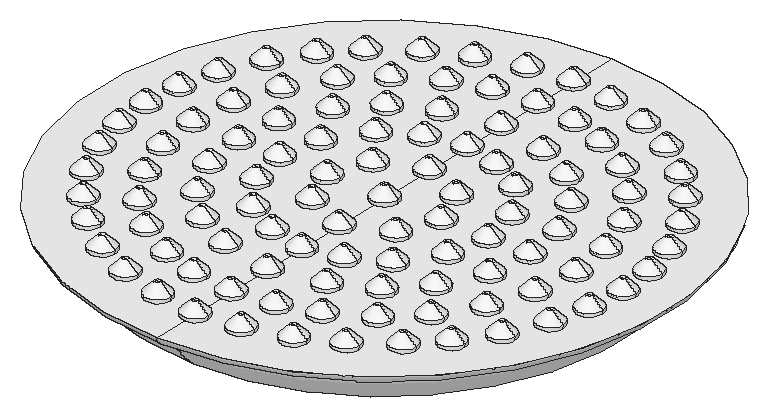
Revit family "Reece_Shower_Kado_Era_Shower Rose_200mm", category Plumbing Fixtures, host Face, Revit 2018
Family settings
  Host = Face
  Round Connector Dimension = Use Diameter
  Part Type = Normal
  Cut with Voids When Loaded = No
  Shared = Yes
  Room Calculation Point = No
Parameters (values of type "Chrome")
  WFU = 0  # constant formula
  URL = "www.reece.com.au/product/-4200388"
  Type Comments = "Shower"
  Reece_Shower_Inlet = 9 mm  # constant formula
  Reece_Product_Web Page = "www.reece.com.au/product/-4200388"
  Reece_Product_Type = "Shower"  # constant formula
  Reece_Product_Sub Brand = "Era\r\n"  # constant formula
  Reece_Product_Number = "4200388"
  Reece_Product_Mount = "Ceiling Mounted"
  Reece_Product_Description = "Kado Era Shower Rose Only 200mm Chrome (4 Star)"
  Reece_Product_Brand = "Kado\r\n"  # constant formula
  Reece_Overall_Height = 50 mm  # constant formula
  Reece_Overall_Diameter = 200 mm  # constant formula
  Reece_Material_Main [instance] = Reece_Brass_Chrome
  Reece_Detail_Shape = ""
  Reece_Detail_Disclaimer = "THIS FILE IS THE PROPERTY OF THE REECE GROUP. IT MAY NOT BE REPRODUCED, REVERSE-ENGINEERED OR MODIFIED. ANY REPUBLICATION, TRANSMISSION OR DISTRIBUTION FOR THE PURPOSE OF COMMERCIALLY EXPLOITING THE FILES IS PROHIBITED."  # constant formula
  Reece_Detail_Additional = ""
  Model = "Era\r\n"
  Manufacturer = "Kado\r\n"
  Keynote = "Product #4200388, Reece_Shower_Kado_Era_Shower Rose_200mm - Chrome"
  HWFU = 0  # constant formula
  Disclaimer = "THIS FILE IS THE PROPERTY OF THE REECE GROUP. IT MAY NOT BE REPRODUCED, REVERSE-ENGINEERED OR MODIFIED. ANY REPUBLICATION, TRANSMISSION OR DISTRIBUTION FOR THE PURPOSE OF COMMERCIALLY EXPLOITING THE FILES IS PROHIBITED."  # constant formula
  Description = "Kado Era Shower Rose Only 200mm Chrome (3 Star)"
  Default Elevation = 0 mm
  CWFU = 0  # constant formula
Reference planes
  plane 1 "Center (Front/Back)": y = 3.5
  plane 2: z = 0
  plane 3 "Center (Left/Right)": x = 3.5
  plane 4: x = 103.5
  plane 5: y = 103.5
  plane 6: y = -96.5
  plane 7: x = -96.5
  plane 8: z = 54.5
  plane 9: z = 50
Forms (mm)
  Revolve 1, solid, material "Reece_Brass_Chrome" <- "Reece_Material_Main"
    sketch origin (3.5, 7, 51.798) x (0, -1, 0) y (0, 0, -1)
      loop
        line (3.5, 51.798) -> (3.5, 1.798) -> (103.5, 1.798)
        arc (103.5, 1.798) -> (101.031, 4.601) -> (97.301, 4.406) r 4.29
        arc (97.301, 4.406) -> (89.197, 15.329) -> (77.238, 21.809) r 31.449
        arc (77.238, 21.809) -> (69.095, 23.5) -> (60.792, 23.974) r 56.37
        line (60.792, 23.974) -> (59.399, 25.896)
        arc (59.399, 25.896) -> (39.619, 31.418) -> (27.441, 47.955) r 31.514
        line (27.441, 47.955) -> (15.23, 47.955) -> (12.445, 51.798) -> (3.5, 51.798)
      axis (3.5, 51.798) -> (3.5, 1.798)
    angle from 0 to 360
  Revolve 2, solid, material "Reece_Brass_Chrome" <- "Reece_Material_Main", detail levels fine
    sketch origin (-16.539, 3.407, 50) x (1, 0, 0) y (0, 0, 1)
      loop
        line (4.5, 0) -> (4.5, 1) -> (1, 4.5) -> (0, 4.5) -> (0, 0) -> (4.5, 0)
      axis (0, 0) -> (0, 4.5)
    angle from 0 to 360
  Revolve 3, solid, material "Reece_Brass_Chrome" <- "Reece_Material_Main", detail levels fine
    sketch origin (3.543, 23.243, 50) x (1, 0, 0) y (0, 0, 1)
      loop
        line (4.5, 0) -> (4.5, 1) -> (1, 4.5) -> (0, 4.5) -> (0, 0) -> (4.5, 0)
      axis (0, 0) -> (0, 4.5)
    angle from 0 to 360
  Revolve 4, solid, material "Reece_Brass_Chrome" <- "Reece_Material_Main", detail levels fine
    sketch origin (-11.201, 16.819, 50) x (1, 0, 0) y (0, 0, 1)
      loop
        line (4.5, 0) -> (4.5, 1) -> (1, 4.5) -> (0, 4.5) -> (0, 0) -> (4.5, 0)
      axis (0, 0) -> (0, 4.5)
    angle from 0 to 360
  Revolve 5, solid, material "Reece_Brass_Chrome" <- "Reece_Material_Main", detail levels fine
    sketch origin (18.201, 16.819, 50) x (-1, 0, 0) y (0, 0, -1)
      loop
        line (4.5, 0) -> (0, 0) -> (0, -4.5) -> (1, -4.5) -> (4.5, -1) -> (4.5, 0)
      axis (0, 0) -> (0, -4.5)
    angle from 0 to 360
  Revolve 6, solid, material "Reece_Brass_Chrome" <- "Reece_Material_Main", detail levels fine
    sketch origin (23.539, 3.407, 50) x (-1, 0, 0) y (0, 0, -1)
      loop
        line (4.5, 0) -> (0, 0) -> (0, -4.5) -> (1, -4.5) -> (4.5, -1) -> (4.5, 0)
      axis (0, 0) -> (0, -4.5)
    angle from 0 to 360
  Revolve 7, solid, material "Reece_Brass_Chrome" <- "Reece_Material_Main", detail levels fine
    sketch origin (3.543, -16.243, 50) x (1, 0, 0) y (0, 0, -1)
      loop
        line (4.5, 0) -> (0, 0) -> (0, -4.5) -> (1, -4.5) -> (4.5, -1) -> (4.5, 0)
      axis (0, 0) -> (0, -4.5)
    angle from 0 to 360
  Revolve 8, solid, material "Reece_Brass_Chrome" <- "Reece_Material_Main", detail levels fine
    sketch origin (-11.201, -9.819, 50) x (1, 0, 0) y (0, 0, -1)
      loop
        line (4.5, 0) -> (0, 0) -> (0, -4.5) -> (1, -4.5) -> (4.5, -1) -> (4.5, 0)
      axis (0, 0) -> (0, -4.5)
    angle from 0 to 360
  Revolve 9, solid, material "Reece_Brass_Chrome" <- "Reece_Material_Main", detail levels fine
    sketch origin (18.201, -9.819, 50) x (-1, 0, 0) y (0, 0, 1)
      loop
        line (4.5, 0) -> (4.5, 1) -> (1, 4.5) -> (0, 4.5) -> (0, 0) -> (4.5, 0)
      axis (0, 0) -> (0, 4.5)
    angle from 0 to 360
  Revolve 10, solid, material "Reece_Brass_Chrome" <- "Reece_Material_Main", detail levels fine
    sketch origin (3.543, 39.811, 50) x (1, 0, 0) y (0, 0, 1)
      loop
        line (4.5, 0) -> (4.5, 1) -> (1, 4.5) -> (0, 4.5) -> (0, 0) -> (4.5, 0)
      axis (0, 0) -> (0, 4.5)
    angle from 0 to 360
  Revolve 11, solid, material "Reece_Brass_Chrome" <- "Reece_Material_Main", detail levels fine
    sketch origin (40.132, 3.407, 50) x (-1, 0, 0) y (0, 0, -1)
      loop
        line (4.5, 0) -> (0, 0) -> (0, -4.5) -> (1, -4.5) -> (4.5, -1) -> (4.5, 0)
      axis (0, 0) -> (0, -4.5)
    angle from 0 to 360
  Revolve 12, solid, material "Reece_Brass_Chrome" <- "Reece_Material_Main", detail levels fine
    sketch origin (-9.178, 36.906, 50) x (1, 0, 0) y (0, 0, 1)
      loop
        line (4.5, 0) -> (4.5, 1) -> (1, 4.5) -> (0, 4.5) -> (0, 0) -> (4.5, 0)
      axis (0, 0) -> (0, 4.5)
    angle from 0 to 360
  Revolve 13, solid, material "Reece_Brass_Chrome" <- "Reece_Material_Main", detail levels fine
    sketch origin (-33.132, 3.407, 50) x (1, 0, 0) y (0, 0, 1)
      loop
        line (4.5, 0) -> (4.5, 1) -> (1, 4.5) -> (0, 4.5) -> (0, 0) -> (4.5, 0)
      axis (0, 0) -> (0, 4.5)
    angle from 0 to 360
  Revolve 14, solid, material "Reece_Brass_Chrome" <- "Reece_Material_Main", detail levels fine
    sketch origin (3.543, -32.811, 50) x (1, 0, 0) y (0, 0, -1)
      loop
        line (4.5, 0) -> (0, 0) -> (0, -4.5) -> (1, -4.5) -> (4.5, -1) -> (4.5, 0)
      axis (0, 0) -> (0, -4.5)
    angle from 0 to 360
  Revolve 15, solid, material "Reece_Brass_Chrome" <- "Reece_Material_Main", detail levels fine
    sketch origin (-21.041, 30.437, 50) x (1, 0, 0) y (0, 0, 1)
      loop
        line (4.5, 0) -> (4.5, 1) -> (1, 4.5) -> (0, 4.5) -> (0, 0) -> (4.5, 0)
      axis (0, 0) -> (0, 4.5)
    angle from 0 to 360
  Revolve 16, solid, material "Reece_Brass_Chrome" <- "Reece_Material_Main", detail levels fine
    sketch origin (-30.107, 17.586, 50) x (1, 0, 0) y (0, 0, 1)
      loop
        line (4.5, 0) -> (4.5, 1) -> (1, 4.5) -> (0, 4.5) -> (0, 0) -> (4.5, 0)
      axis (0, 0) -> (0, 4.5)
    angle from 0 to 360
  Revolve 17, solid, material "Reece_Brass_Chrome" <- "Reece_Material_Main", detail levels fine
    sketch origin (16.178, 36.906, 50) x (-1, 0, 0) y (0, 0, -1)
      loop
        line (4.5, 0) -> (0, 0) -> (0, -4.5) -> (1, -4.5) -> (4.5, -1) -> (4.5, 0)
      axis (0, 0) -> (0, -4.5)
    angle from 0 to 360
  Revolve 18, solid, material "Reece_Brass_Chrome" <- "Reece_Material_Main", detail levels fine
    sketch origin (28.041, 30.437, 50) x (-1, 0, 0) y (0, 0, -1)
      loop
        line (4.5, 0) -> (0, 0) -> (0, -4.5) -> (1, -4.5) -> (4.5, -1) -> (4.5, 0)
      axis (0, 0) -> (0, -4.5)
    angle from 0 to 360
  Revolve 19, solid, material "Reece_Brass_Chrome" <- "Reece_Material_Main", detail levels fine
    sketch origin (37.107, 17.586, 50) x (-1, 0, 0) y (0, 0, -1)
      loop
        line (4.5, 0) -> (0, 0) -> (0, -4.5) -> (1, -4.5) -> (4.5, -1) -> (4.5, 0)
      axis (0, 0) -> (0, -4.5)
    angle from 0 to 360
  Revolve 20, solid, material "Reece_Brass_Chrome" <- "Reece_Material_Main", detail levels fine
    sketch origin (-9.178, -29.906, 50) x (1, 0, 0) y (0, 0, -1)
      loop
        line (4.5, 0) -> (0, 0) -> (0, -4.5) -> (1, -4.5) -> (4.5, -1) -> (4.5, 0)
      axis (0, 0) -> (0, -4.5)
    angle from 0 to 360
  Revolve 21, solid, material "Reece_Brass_Chrome" <- "Reece_Material_Main", detail levels fine
    sketch origin (-21.041, -23.437, 50) x (1, 0, 0) y (0, 0, -1)
      loop
        line (4.5, 0) -> (0, 0) -> (0, -4.5) -> (1, -4.5) -> (4.5, -1) -> (4.5, 0)
      axis (0, 0) -> (0, -4.5)
    angle from 0 to 360
  Revolve 22, solid, material "Reece_Brass_Chrome" <- "Reece_Material_Main", detail levels fine
    sketch origin (-30.107, -10.586, 50) x (1, 0, 0) y (0, 0, -1)
      loop
        line (4.5, 0) -> (0, 0) -> (0, -4.5) -> (1, -4.5) -> (4.5, -1) -> (4.5, 0)
      axis (0, 0) -> (0, -4.5)
    angle from 0 to 360
  Revolve 23, solid, material "Reece_Brass_Chrome" <- "Reece_Material_Main", detail levels fine
    sketch origin (16.178, -29.906, 50) x (-1, 0, 0) y (0, 0, 1)
      loop
        line (4.5, 0) -> (4.5, 1) -> (1, 4.5) -> (0, 4.5) -> (0, 0) -> (4.5, 0)
      axis (0, 0) -> (0, 4.5)
    angle from 0 to 360
  Revolve 24, solid, material "Reece_Brass_Chrome" <- "Reece_Material_Main", detail levels fine
    sketch origin (28.041, -23.437, 50) x (-1, 0, 0) y (0, 0, 1)
      loop
        line (4.5, 0) -> (4.5, 1) -> (1, 4.5) -> (0, 4.5) -> (0, 0) -> (4.5, 0)
      axis (0, 0) -> (0, 4.5)
    angle from 0 to 360
  Revolve 25, solid, material "Reece_Brass_Chrome" <- "Reece_Material_Main", detail levels fine
    sketch origin (37.107, -10.586, 50) x (-1, 0, 0) y (0, 0, 1)
      loop
        line (4.5, 0) -> (4.5, 1) -> (1, 4.5) -> (0, 4.5) -> (0, 0) -> (4.5, 0)
      axis (0, 0) -> (0, 4.5)
    angle from 0 to 360
  Revolve 26, solid, material "Reece_Brass_Chrome" <- "Reece_Material_Main", detail levels fine
    sketch origin (3.543, 54.811, 50) x (1, 0, 0) y (0, 0, 1)
      loop
        line (4.5, 0) -> (4.5, 1) -> (1, 4.5) -> (0, 4.5) -> (0, 0) -> (4.5, 0)
      axis (0, 0) -> (0, 4.5)
    angle from 0 to 360
  Revolve 27, solid, material "Reece_Brass_Chrome" <- "Reece_Material_Main", detail levels fine
    sketch origin (21.308, 51.002, 50) x (-1, 0, 0) y (0, 0, -1)
      loop
        line (4.5, 0) -> (0, 0) -> (0, -4.5) -> (1, -4.5) -> (4.5, -1) -> (4.5, 0)
      axis (0, 0) -> (0, -4.5)
    angle from 0 to 360
  Revolve 28, solid, material "Reece_Brass_Chrome" <- "Reece_Material_Main", detail levels fine
    sketch origin (35.036, 43.967, 50) x (-1, 0, 0) y (0, 0, -1)
      loop
        line (4.5, 0) -> (0, 0) -> (0, -4.5) -> (1, -4.5) -> (4.5, -1) -> (4.5, 0)
      axis (0, 0) -> (0, -4.5)
    angle from 0 to 360
  Revolve 29, solid, material "Reece_Brass_Chrome" <- "Reece_Material_Main", detail levels fine
    sketch origin (45.426, 33.24, 50) x (-1, 0, 0) y (0, 0, -1)
      loop
        line (4.5, 0) -> (0, 0) -> (0, -4.5) -> (1, -4.5) -> (4.5, -1) -> (4.5, 0)
      axis (0, 0) -> (0, -4.5)
    angle from 0 to 360
  Revolve 30, solid, material "Reece_Brass_Chrome" <- "Reece_Material_Main", detail levels fine
    sketch origin (52.759, 18.709, 50) x (-1, 0, 0) y (0, 0, -1)
      loop
        line (4.5, 0) -> (0, 0) -> (0, -4.5) -> (1, -4.5) -> (4.5, -1) -> (4.5, 0)
      axis (0, 0) -> (0, -4.5)
    angle from 0 to 360
  Revolve 31, solid, material "Reece_Brass_Chrome" <- "Reece_Material_Main", detail levels fine
    sketch origin (54.668, 3.544, 50) x (-1, 0, 0) y (0, 0, -1)
      loop
        line (4.5, 0) -> (0, 0) -> (0, -4.5) -> (1, -4.5) -> (4.5, -1) -> (4.5, 0)
      axis (0, 0) -> (0, -4.5)
    angle from 0 to 360
  Revolve 32, solid, material "Reece_Brass_Chrome" <- "Reece_Material_Main", detail levels fine
    sketch origin (-14.308, 51.002, 50) x (1, 0, 0) y (0, 0, 1)
      loop
        line (4.5, 0) -> (4.5, 1) -> (1, 4.5) -> (0, 4.5) -> (0, 0) -> (4.5, 0)
      axis (0, 0) -> (0, 4.5)
    angle from 0 to 360
  Revolve 33, solid, material "Reece_Brass_Chrome" <- "Reece_Material_Main", detail levels fine
    sketch origin (-28.036, 43.967, 50) x (1, 0, 0) y (0, 0, 1)
      loop
        line (4.5, 0) -> (4.5, 1) -> (1, 4.5) -> (0, 4.5) -> (0, 0) -> (4.5, 0)
      axis (0, 0) -> (0, 4.5)
    angle from 0 to 360
  Revolve 34, solid, material "Reece_Brass_Chrome" <- "Reece_Material_Main", detail levels fine
    sketch origin (-38.426, 33.24, 50) x (1, 0, 0) y (0, 0, 1)
      loop
        line (4.5, 0) -> (4.5, 1) -> (1, 4.5) -> (0, 4.5) -> (0, 0) -> (4.5, 0)
      axis (0, 0) -> (0, 4.5)
    angle from 0 to 360
  Revolve 35, solid, material "Reece_Brass_Chrome" <- "Reece_Material_Main", detail levels fine
    sketch origin (-45.759, 18.709, 50) x (1, 0, 0) y (0, 0, 1)
      loop
        line (4.5, 0) -> (4.5, 1) -> (1, 4.5) -> (0, 4.5) -> (0, 0) -> (4.5, 0)
      axis (0, 0) -> (0, 4.5)
    angle from 0 to 360
  Revolve 36, solid, material "Reece_Brass_Chrome" <- "Reece_Material_Main", detail levels fine
    sketch origin (-47.668, 3.544, 50) x (1, 0, 0) y (0, 0, 1)
      loop
        line (4.5, 0) -> (4.5, 1) -> (1, 4.5) -> (0, 4.5) -> (0, 0) -> (4.5, 0)
      axis (0, 0) -> (0, 4.5)
    angle from 0 to 360
  Revolve 37, solid, material "Reece_Brass_Chrome" <- "Reece_Material_Main", detail levels fine
    sketch origin (21.308, -44.002, 50) x (-1, 0, 0) y (0, 0, 1)
      loop
        line (4.5, 0) -> (4.5, 1) -> (1, 4.5) -> (0, 4.5) -> (0, 0) -> (4.5, 0)
      axis (0, 0) -> (0, 4.5)
    angle from 0 to 360
  Revolve 38, solid, material "Reece_Brass_Chrome" <- "Reece_Material_Main", detail levels fine
    sketch origin (35.036, -36.967, 50) x (-1, 0, 0) y (0, 0, 1)
      loop
        line (4.5, 0) -> (4.5, 1) -> (1, 4.5) -> (0, 4.5) -> (0, 0) -> (4.5, 0)
      axis (0, 0) -> (0, 4.5)
    angle from 0 to 360
  Revolve 39, solid, material "Reece_Brass_Chrome" <- "Reece_Material_Main", detail levels fine
    sketch origin (45.426, -26.24, 50) x (-1, 0, 0) y (0, 0, 1)
      loop
        line (4.5, 0) -> (4.5, 1) -> (1, 4.5) -> (0, 4.5) -> (0, 0) -> (4.5, 0)
      axis (0, 0) -> (0, 4.5)
    angle from 0 to 360
  Revolve 40, solid, material "Reece_Brass_Chrome" <- "Reece_Material_Main", detail levels fine
    sketch origin (52.759, -11.709, 50) x (-1, 0, 0) y (0, 0, 1)
      loop
        line (4.5, 0) -> (4.5, 1) -> (1, 4.5) -> (0, 4.5) -> (0, 0) -> (4.5, 0)
      axis (0, 0) -> (0, 4.5)
    angle from 0 to 360
  Revolve 41, solid, material "Reece_Brass_Chrome" <- "Reece_Material_Main", detail levels fine
    sketch origin (-14.308, -44.002, 50) x (1, 0, 0) y (0, 0, -1)
      loop
        line (4.5, 0) -> (0, 0) -> (0, -4.5) -> (1, -4.5) -> (4.5, -1) -> (4.5, 0)
      axis (0, 0) -> (0, -4.5)
    angle from 0 to 360
  Revolve 42, solid, material "Reece_Brass_Chrome" <- "Reece_Material_Main", detail levels fine
    sketch origin (-28.036, -36.967, 50) x (1, 0, 0) y (0, 0, -1)
      loop
        line (4.5, 0) -> (0, 0) -> (0, -4.5) -> (1, -4.5) -> (4.5, -1) -> (4.5, 0)
      axis (0, 0) -> (0, -4.5)
    angle from 0 to 360
  Revolve 43, solid, material "Reece_Brass_Chrome" <- "Reece_Material_Main", detail levels fine
    sketch origin (-38.426, -26.24, 50) x (1, 0, 0) y (0, 0, -1)
      loop
        line (4.5, 0) -> (0, 0) -> (0, -4.5) -> (1, -4.5) -> (4.5, -1) -> (4.5, 0)
      axis (0, 0) -> (0, -4.5)
    angle from 0 to 360
  Revolve 44, solid, material "Reece_Brass_Chrome" <- "Reece_Material_Main", detail levels fine
    sketch origin (-45.759, -11.709, 50) x (1, 0, 0) y (0, 0, -1)
      loop
        line (4.5, 0) -> (0, 0) -> (0, -4.5) -> (1, -4.5) -> (4.5, -1) -> (4.5, 0)
      axis (0, 0) -> (0, -4.5)
    angle from 0 to 360
  Revolve 45, solid, material "Reece_Brass_Chrome" <- "Reece_Material_Main", detail levels fine
    sketch origin (3.543, -47.811, 50) x (1, 0, 0) y (0, 0, -1)
      loop
        line (4.5, 0) -> (0, 0) -> (0, -4.5) -> (1, -4.5) -> (4.5, -1) -> (4.5, 0)
      axis (0, 0) -> (0, -4.5)
    angle from 0 to 360
  Revolve 46, solid, material "Reece_Brass_Chrome" <- "Reece_Material_Main", detail levels fine
    sketch origin (3.543, 70.806, 50) x (1, 0, 0) y (0, 0, 1)
      loop
        line (4.5, 0) -> (4.5, 1) -> (1, 4.5) -> (0, 4.5) -> (0, 0) -> (4.5, 0)
      axis (0, 0) -> (0, 4.5)
    angle from 0 to 360
  Revolve 47, solid, material "Reece_Brass_Chrome" <- "Reece_Material_Main", detail levels fine
    sketch origin (17.942, 69.072, 50) x (-1, 0, 0) y (0, 0, -1)
      loop
        line (4.5, 0) -> (0, 0) -> (0, -4.5) -> (1, -4.5) -> (4.5, -1) -> (4.5, 0)
      axis (0, 0) -> (0, -4.5)
    angle from 0 to 360
  Revolve 48, solid, material "Reece_Brass_Chrome" <- "Reece_Material_Main", detail levels fine
    sketch origin (30.834, 64.819, 50) x (-1, 0, 0) y (0, 0, -1)
      loop
        line (4.5, 0) -> (0, 0) -> (0, -4.5) -> (1, -4.5) -> (4.5, -1) -> (4.5, 0)
      axis (0, 0) -> (0, -4.5)
    angle from 0 to 360
  Revolve 49, solid, material "Reece_Brass_Chrome" <- "Reece_Material_Main", detail levels fine
    sketch origin (44.134, 57.174, 50) x (-1, 0, 0) y (0, 0, -1)
      loop
        line (4.5, 0) -> (0, 0) -> (0, -4.5) -> (1, -4.5) -> (4.5, -1) -> (4.5, 0)
      axis (0, 0) -> (0, -4.5)
    angle from 0 to 360
  Revolve 50, solid, material "Reece_Brass_Chrome" <- "Reece_Material_Main", detail levels fine
    sketch origin (54.741, 46.943, 50) x (-1, 0, 0) y (0, 0, -1)
      loop
        line (4.5, 0) -> (0, 0) -> (0, -4.5) -> (1, -4.5) -> (4.5, -1) -> (4.5, 0)
      axis (0, 0) -> (0, -4.5)
    angle from 0 to 360
  Revolve 51, solid, material "Reece_Brass_Chrome" <- "Reece_Material_Main", detail levels fine
    sketch origin (70.766, 3.544, 50) x (-1, 0, 0) y (0, 0, -1)
      loop
        line (4.5, 0) -> (0, 0) -> (0, -4.5) -> (1, -4.5) -> (4.5, -1) -> (4.5, 0)
      axis (0, 0) -> (0, -4.5)
    angle from 0 to 360
  Revolve 52, solid, material "Reece_Brass_Chrome" <- "Reece_Material_Main", detail levels fine
    sketch origin (63.572, 33.65, 50) x (-1, 0, 0) y (0, 0, -1)
      loop
        line (4.5, 0) -> (0, 0) -> (0, -4.5) -> (1, -4.5) -> (4.5, -1) -> (4.5, 0)
      axis (0, 0) -> (0, -4.5)
    angle from 0 to 360
  Revolve 53, solid, material "Reece_Brass_Chrome" <- "Reece_Material_Main", detail levels fine
    sketch origin (68.889, 19.016, 50) x (-1, 0, 0) y (0, 0, -1)
      loop
        line (4.5, 0) -> (0, 0) -> (0, -4.5) -> (1, -4.5) -> (4.5, -1) -> (4.5, 0)
      axis (0, 0) -> (0, -4.5)
    angle from 0 to 360
  Revolve 54, solid, material "Reece_Brass_Chrome" <- "Reece_Material_Main", detail levels fine
    sketch origin (-10.942, 69.072, 50) x (1, 0, 0) y (0, 0, 1)
      loop
        line (4.5, 0) -> (4.5, 1) -> (1, 4.5) -> (0, 4.5) -> (0, 0) -> (4.5, 0)
      axis (0, 0) -> (0, 4.5)
    angle from 0 to 360
  Revolve 55, solid, material "Reece_Brass_Chrome" <- "Reece_Material_Main", detail levels fine
    sketch origin (-23.834, 64.819, 50) x (1, 0, 0) y (0, 0, 1)
      loop
        line (4.5, 0) -> (4.5, 1) -> (1, 4.5) -> (0, 4.5) -> (0, 0) -> (4.5, 0)
      axis (0, 0) -> (0, 4.5)
    angle from 0 to 360
  Revolve 56, solid, material "Reece_Brass_Chrome" <- "Reece_Material_Main", detail levels fine
    sketch origin (-37.134, 57.174, 50) x (1, 0, 0) y (0, 0, 1)
      loop
        line (4.5, 0) -> (4.5, 1) -> (1, 4.5) -> (0, 4.5) -> (0, 0) -> (4.5, 0)
      axis (0, 0) -> (0, 4.5)
    angle from 0 to 360
  Revolve 57, solid, material "Reece_Brass_Chrome" <- "Reece_Material_Main", detail levels fine
    sketch origin (-47.741, 46.943, 50) x (1, 0, 0) y (0, 0, 1)
      loop
        line (4.5, 0) -> (4.5, 1) -> (1, 4.5) -> (0, 4.5) -> (0, 0) -> (4.5, 0)
      axis (0, 0) -> (0, 4.5)
    angle from 0 to 360
  Revolve 58, solid, material "Reece_Brass_Chrome" <- "Reece_Material_Main", detail levels fine
    sketch origin (-63.766, 3.544, 50) x (1, 0, 0) y (0, 0, 1)
      loop
        line (4.5, 0) -> (4.5, 1) -> (1, 4.5) -> (0, 4.5) -> (0, 0) -> (4.5, 0)
      axis (0, 0) -> (0, 4.5)
    angle from 0 to 360
  Revolve 59, solid, material "Reece_Brass_Chrome" <- "Reece_Material_Main", detail levels fine
    sketch origin (-56.572, 33.65, 50) x (1, 0, 0) y (0, 0, 1)
      loop
        line (4.5, 0) -> (4.5, 1) -> (1, 4.5) -> (0, 4.5) -> (0, 0) -> (4.5, 0)
      axis (0, 0) -> (0, 4.5)
    angle from 0 to 360
  Revolve 60, solid, material "Reece_Brass_Chrome" <- "Reece_Material_Main", detail levels fine
    sketch origin (-61.889, 19.016, 50) x (1, 0, 0) y (0, 0, 1)
      loop
        line (4.5, 0) -> (4.5, 1) -> (1, 4.5) -> (0, 4.5) -> (0, 0) -> (4.5, 0)
      axis (0, 0) -> (0, 4.5)
    angle from 0 to 360
  Revolve 61, solid, material "Reece_Brass_Chrome" <- "Reece_Material_Main", detail levels fine
    sketch origin (3.543, -63.806, 50) x (1, 0, 0) y (0, 0, -1)
      loop
        line (4.5, 0) -> (0, 0) -> (0, -4.5) -> (1, -4.5) -> (4.5, -1) -> (4.5, 0)
      axis (0, 0) -> (0, -4.5)
    angle from 0 to 360
  Revolve 62, solid, material "Reece_Brass_Chrome" <- "Reece_Material_Main", detail levels fine
    sketch origin (17.942, -62.072, 50) x (-1, 0, 0) y (0, 0, 1)
      loop
        line (4.5, 0) -> (4.5, 1) -> (1, 4.5) -> (0, 4.5) -> (0, 0) -> (4.5, 0)
      axis (0, 0) -> (0, 4.5)
    angle from 0 to 360
  Revolve 63, solid, material "Reece_Brass_Chrome" <- "Reece_Material_Main", detail levels fine
    sketch origin (30.834, -57.819, 50) x (-1, 0, 0) y (0, 0, 1)
      loop
        line (4.5, 0) -> (4.5, 1) -> (1, 4.5) -> (0, 4.5) -> (0, 0) -> (4.5, 0)
      axis (0, 0) -> (0, 4.5)
    angle from 0 to 360
  Revolve 64, solid, material "Reece_Brass_Chrome" <- "Reece_Material_Main", detail levels fine
    sketch origin (44.134, -50.174, 50) x (-1, 0, 0) y (0, 0, 1)
      loop
        line (4.5, 0) -> (4.5, 1) -> (1, 4.5) -> (0, 4.5) -> (0, 0) -> (4.5, 0)
      axis (0, 0) -> (0, 4.5)
    angle from 0 to 360
  Revolve 65, solid, material "Reece_Brass_Chrome" <- "Reece_Material_Main", detail levels fine
    sketch origin (54.741, -39.943, 50) x (-1, 0, 0) y (0, 0, 1)
      loop
        line (4.5, 0) -> (4.5, 1) -> (1, 4.5) -> (0, 4.5) -> (0, 0) -> (4.5, 0)
      axis (0, 0) -> (0, 4.5)
    angle from 0 to 360
  Revolve 66, solid, material "Reece_Brass_Chrome" <- "Reece_Material_Main", detail levels fine
    sketch origin (63.572, -26.65, 50) x (-1, 0, 0) y (0, 0, 1)
      loop
        line (4.5, 0) -> (4.5, 1) -> (1, 4.5) -> (0, 4.5) -> (0, 0) -> (4.5, 0)
      axis (0, 0) -> (0, 4.5)
    angle from 0 to 360
  Revolve 67, solid, material "Reece_Brass_Chrome" <- "Reece_Material_Main", detail levels fine
    sketch origin (68.889, -12.016, 50) x (-1, 0, 0) y (0, 0, 1)
      loop
        line (4.5, 0) -> (4.5, 1) -> (1, 4.5) -> (0, 4.5) -> (0, 0) -> (4.5, 0)
      axis (0, 0) -> (0, 4.5)
    angle from 0 to 360
  Revolve 68, solid, material "Reece_Brass_Chrome" <- "Reece_Material_Main", detail levels fine
    sketch origin (-10.942, -62.072, 50) x (1, 0, 0) y (0, 0, -1)
      loop
        line (4.5, 0) -> (0, 0) -> (0, -4.5) -> (1, -4.5) -> (4.5, -1) -> (4.5, 0)
      axis (0, 0) -> (0, -4.5)
    angle from 0 to 360
  Revolve 69, solid, material "Reece_Brass_Chrome" <- "Reece_Material_Main", detail levels fine
    sketch origin (-23.834, -57.819, 50) x (1, 0, 0) y (0, 0, -1)
      loop
        line (4.5, 0) -> (0, 0) -> (0, -4.5) -> (1, -4.5) -> (4.5, -1) -> (4.5, 0)
      axis (0, 0) -> (0, -4.5)
    angle from 0 to 360
  Revolve 70, solid, material "Reece_Brass_Chrome" <- "Reece_Material_Main", detail levels fine
    sketch origin (-37.134, -50.174, 50) x (1, 0, 0) y (0, 0, -1)
      loop
        line (4.5, 0) -> (0, 0) -> (0, -4.5) -> (1, -4.5) -> (4.5, -1) -> (4.5, 0)
      axis (0, 0) -> (0, -4.5)
    angle from 0 to 360
  Revolve 71, solid, material "Reece_Brass_Chrome" <- "Reece_Material_Main", detail levels fine
    sketch origin (-47.741, -39.943, 50) x (1, 0, 0) y (0, 0, -1)
      loop
        line (4.5, 0) -> (0, 0) -> (0, -4.5) -> (1, -4.5) -> (4.5, -1) -> (4.5, 0)
      axis (0, 0) -> (0, -4.5)
    angle from 0 to 360
  Revolve 72, solid, material "Reece_Brass_Chrome" <- "Reece_Material_Main", detail levels fine
    sketch origin (-56.572, -26.65, 50) x (1, 0, 0) y (0, 0, -1)
      loop
        line (4.5, 0) -> (0, 0) -> (0, -4.5) -> (1, -4.5) -> (4.5, -1) -> (4.5, 0)
      axis (0, 0) -> (0, -4.5)
    angle from 0 to 360
  Revolve 73, solid, material "Reece_Brass_Chrome" <- "Reece_Material_Main", detail levels fine
    sketch origin (-61.889, -12.016, 50) x (1, 0, 0) y (0, 0, -1)
      loop
        line (4.5, 0) -> (0, 0) -> (0, -4.5) -> (1, -4.5) -> (4.5, -1) -> (4.5, 0)
      axis (0, 0) -> (0, -4.5)
    angle from 0 to 360
  Revolve 74, solid, material "Reece_Brass_Chrome" <- "Reece_Material_Main", detail levels fine
    sketch origin (3.481, 86.566, 50) x (1, 0, 0) y (0, 0, 1)
      loop
        line (4.5, 0) -> (4.5, 1) -> (1, 4.5) -> (0, 4.5) -> (0, 0) -> (4.5, 0)
      axis (0, 0) -> (0, 4.5)
    angle from 0 to 360
  Revolve 75, solid, material "Reece_Brass_Chrome" <- "Reece_Material_Main", detail levels fine
    sketch origin (33.102, 80.275, 50) x (-1, 0, 0) y (0, 0, -1)
      loop
        line (4.5, 0) -> (0, 0) -> (0, -4.5) -> (1, -4.5) -> (4.5, -1) -> (4.5, 0)
      axis (0, 0) -> (0, -4.5)
    angle from 0 to 360
  Revolve 76, solid, material "Reece_Brass_Chrome" <- "Reece_Material_Main", detail levels fine
    sketch origin (46.363, 73.731, 50) x (-1, 0, 0) y (0, 0, -1)
      loop
        line (4.5, 0) -> (0, 0) -> (0, -4.5) -> (1, -4.5) -> (4.5, -1) -> (4.5, 0)
      axis (0, 0) -> (0, -4.5)
    angle from 0 to 360
  Revolve 77, solid, material "Reece_Brass_Chrome" <- "Reece_Material_Main", detail levels fine
    sketch origin (58.911, 64.455, 50) x (-1, 0, 0) y (0, 0, -1)
      loop
        line (4.5, 0) -> (0, 0) -> (0, -4.5) -> (1, -4.5) -> (4.5, -1) -> (4.5, 0)
      axis (0, 0) -> (0, -4.5)
    angle from 0 to 360
  Revolve 78, solid, material "Reece_Brass_Chrome" <- "Reece_Material_Main", detail levels fine
    sketch origin (76.494, 43.067, 50) x (-1, 0, 0) y (0, 0, -1)
      loop
        line (4.5, 0) -> (0, 0) -> (0, -4.5) -> (1, -4.5) -> (4.5, -1) -> (4.5, 0)
      axis (0, 0) -> (0, -4.5)
    angle from 0 to 360
  Revolve 79, solid, material "Reece_Brass_Chrome" <- "Reece_Material_Main", detail levels fine
    sketch origin (87.293, 3.544, 50) x (-1, 0, 0) y (0, 0, -1)
      loop
        line (4.5, 0) -> (0, 0) -> (0, -4.5) -> (1, -4.5) -> (4.5, -1) -> (4.5, 0)
      axis (0, 0) -> (0, -4.5)
    angle from 0 to 360
  Revolve 80, solid, material "Reece_Brass_Chrome" <- "Reece_Material_Main", detail levels fine
    sketch origin (82.712, 29.648, 50) x (-1, 0, 0) y (0, 0, -1)
      loop
        line (4.5, 0) -> (0, 0) -> (0, -4.5) -> (1, -4.5) -> (4.5, -1) -> (4.5, 0)
      axis (0, 0) -> (0, -4.5)
    angle from 0 to 360
  Revolve 81, solid, material "Reece_Brass_Chrome" <- "Reece_Material_Main", detail levels fine
    sketch origin (86.11, 16.609, 50) x (-1, 0, 0) y (0, 0, -1)
      loop
        line (4.5, 0) -> (0, 0) -> (0, -4.5) -> (1, -4.5) -> (4.5, -1) -> (4.5, 0)
      axis (0, 0) -> (0, -4.5)
    angle from 0 to 360
  Revolve 82, solid, material "Reece_Brass_Chrome" <- "Reece_Material_Main", detail levels fine
    sketch origin (68.219, 54.771, 50) x (-1, 0, 0) y (0, 0, -1)
      loop
        line (4.5, 0) -> (0, 0) -> (0, -4.5) -> (1, -4.5) -> (4.5, -1) -> (4.5, 0)
      axis (0, 0) -> (0, -4.5)
    angle from 0 to 360
  Revolve 83, solid, material "Reece_Brass_Chrome" <- "Reece_Material_Main", detail levels fine
    sketch origin (18.163, 84.654, 50) x (-1, 0, 0) y (0, 0, -1)
      loop
        line (4.5, 0) -> (0, 0) -> (0, -4.5) -> (1, -4.5) -> (4.5, -1) -> (4.5, 0)
      axis (0, 0) -> (0, -4.5)
    angle from 0 to 360
  Revolve 84, solid, material "Reece_Brass_Chrome" <- "Reece_Material_Main", detail levels fine
    sketch origin (3.504, 3.586, 50) x (1, 0, 0) y (0, 0, 1)
      loop
        line (4.5, 0) -> (4.5, 1) -> (1, 4.5) -> (0, 4.5) -> (0, 0) -> (4.5, 0)
      axis (0, 0) -> (0, 4.5)
    angle from 0 to 360
  Revolve 85, solid, material "Reece_Brass_Chrome" <- "Reece_Material_Main", detail levels fine
    sketch origin (-26.102, 80.275, 50) x (1, 0, 0) y (0, 0, 1)
      loop
        line (4.5, 0) -> (4.5, 1) -> (1, 4.5) -> (0, 4.5) -> (0, 0) -> (4.5, 0)
      axis (0, 0) -> (0, 4.5)
    angle from 0 to 360
  Revolve 86, solid, material "Reece_Brass_Chrome" <- "Reece_Material_Main", detail levels fine
    sketch origin (-39.363, 73.731, 50) x (1, 0, 0) y (0, 0, 1)
      loop
        line (4.5, 0) -> (4.5, 1) -> (1, 4.5) -> (0, 4.5) -> (0, 0) -> (4.5, 0)
      axis (0, 0) -> (0, 4.5)
    angle from 0 to 360
  Revolve 87, solid, material "Reece_Brass_Chrome" <- "Reece_Material_Main", detail levels fine
    sketch origin (-51.911, 64.455, 50) x (1, 0, 0) y (0, 0, 1)
      loop
        line (4.5, 0) -> (4.5, 1) -> (1, 4.5) -> (0, 4.5) -> (0, 0) -> (4.5, 0)
      axis (0, 0) -> (0, 4.5)
    angle from 0 to 360
  Revolve 88, solid, material "Reece_Brass_Chrome" <- "Reece_Material_Main", detail levels fine
    sketch origin (-69.494, 43.067, 50) x (1, 0, 0) y (0, 0, 1)
      loop
        line (4.5, 0) -> (4.5, 1) -> (1, 4.5) -> (0, 4.5) -> (0, 0) -> (4.5, 0)
      axis (0, 0) -> (0, 4.5)
    angle from 0 to 360
  Revolve 89, solid, material "Reece_Brass_Chrome" <- "Reece_Material_Main", detail levels fine
    sketch origin (-80.293, 3.544, 50) x (1, 0, 0) y (0, 0, 1)
      loop
        line (4.5, 0) -> (4.5, 1) -> (1, 4.5) -> (0, 4.5) -> (0, 0) -> (4.5, 0)
      axis (0, 0) -> (0, 4.5)
    angle from 0 to 360
  Revolve 90, solid, material "Reece_Brass_Chrome" <- "Reece_Material_Main", detail levels fine
    sketch origin (-75.712, 29.648, 50) x (1, 0, 0) y (0, 0, 1)
      loop
        line (4.5, 0) -> (4.5, 1) -> (1, 4.5) -> (0, 4.5) -> (0, 0) -> (4.5, 0)
      axis (0, 0) -> (0, 4.5)
    angle from 0 to 360
  Revolve 91, solid, material "Reece_Brass_Chrome" <- "Reece_Material_Main", detail levels fine
    sketch origin (-79.11, 16.609, 50) x (1, 0, 0) y (0, 0, 1)
      loop
        line (4.5, 0) -> (4.5, 1) -> (1, 4.5) -> (0, 4.5) -> (0, 0) -> (4.5, 0)
      axis (0, 0) -> (0, 4.5)
    angle from 0 to 360
  Revolve 92, solid, material "Reece_Brass_Chrome" <- "Reece_Material_Main", detail levels fine
    sketch origin (-61.219, 54.771, 50) x (1, 0, 0) y (0, 0, 1)
      loop
        line (4.5, 0) -> (4.5, 1) -> (1, 4.5) -> (0, 4.5) -> (0, 0) -> (4.5, 0)
      axis (0, 0) -> (0, 4.5)
    angle from 0 to 360
  Revolve 93, solid, material "Reece_Brass_Chrome" <- "Reece_Material_Main", detail levels fine
    sketch origin (-11.163, 84.654, 50) x (1, 0, 0) y (0, 0, 1)
      loop
        line (4.5, 0) -> (4.5, 1) -> (1, 4.5) -> (0, 4.5) -> (0, 0) -> (4.5, 0)
      axis (0, 0) -> (0, 4.5)
    angle from 0 to 360
  Revolve 94, solid, material "Reece_Brass_Chrome" <- "Reece_Material_Main", detail levels fine
    sketch origin (3.481, -79.566, 50) x (1, 0, 0) y (0, 0, -1)
      loop
        line (4.5, 0) -> (0, 0) -> (0, -4.5) -> (1, -4.5) -> (4.5, -1) -> (4.5, 0)
      axis (0, 0) -> (0, -4.5)
    angle from 0 to 360
  Revolve 95, solid, material "Reece_Brass_Chrome" <- "Reece_Material_Main", detail levels fine
    sketch origin (33.102, -73.275, 50) x (-1, 0, 0) y (0, 0, 1)
      loop
        line (4.5, 0) -> (4.5, 1) -> (1, 4.5) -> (0, 4.5) -> (0, 0) -> (4.5, 0)
      axis (0, 0) -> (0, 4.5)
    angle from 0 to 360
  Revolve 96, solid, material "Reece_Brass_Chrome" <- "Reece_Material_Main", detail levels fine
    sketch origin (46.363, -66.731, 50) x (-1, 0, 0) y (0, 0, 1)
      loop
        line (4.5, 0) -> (4.5, 1) -> (1, 4.5) -> (0, 4.5) -> (0, 0) -> (4.5, 0)
      axis (0, 0) -> (0, 4.5)
    angle from 0 to 360
  Revolve 97, solid, material "Reece_Brass_Chrome" <- "Reece_Material_Main", detail levels fine
    sketch origin (58.911, -57.455, 50) x (-1, 0, 0) y (0, 0, 1)
      loop
        line (4.5, 0) -> (4.5, 1) -> (1, 4.5) -> (0, 4.5) -> (0, 0) -> (4.5, 0)
      axis (0, 0) -> (0, 4.5)
    angle from 0 to 360
  Revolve 98, solid, material "Reece_Brass_Chrome" <- "Reece_Material_Main", detail levels fine
    sketch origin (76.494, -36.067, 50) x (-1, 0, 0) y (0, 0, 1)
      loop
        line (4.5, 0) -> (4.5, 1) -> (1, 4.5) -> (0, 4.5) -> (0, 0) -> (4.5, 0)
      axis (0, 0) -> (0, 4.5)
    angle from 0 to 360
  Revolve 99, solid, material "Reece_Brass_Chrome" <- "Reece_Material_Main", detail levels fine
    sketch origin (82.712, -22.648, 50) x (-1, 0, 0) y (0, 0, 1)
      loop
        line (4.5, 0) -> (4.5, 1) -> (1, 4.5) -> (0, 4.5) -> (0, 0) -> (4.5, 0)
      axis (0, 0) -> (0, 4.5)
    angle from 0 to 360
  Revolve 100, solid, material "Reece_Brass_Chrome" <- "Reece_Material_Main", detail levels fine
    sketch origin (86.11, -9.609, 50) x (-1, 0, 0) y (0, 0, 1)
      loop
        line (4.5, 0) -> (4.5, 1) -> (1, 4.5) -> (0, 4.5) -> (0, 0) -> (4.5, 0)
      axis (0, 0) -> (0, 4.5)
    angle from 0 to 360
  Revolve 101, solid, material "Reece_Brass_Chrome" <- "Reece_Material_Main", detail levels fine
    sketch origin (68.219, -47.771, 50) x (-1, 0, 0) y (0, 0, 1)
      loop
        line (4.5, 0) -> (4.5, 1) -> (1, 4.5) -> (0, 4.5) -> (0, 0) -> (4.5, 0)
      axis (0, 0) -> (0, 4.5)
    angle from 0 to 360
  Revolve 102, solid, material "Reece_Brass_Chrome" <- "Reece_Material_Main", detail levels fine
    sketch origin (18.163, -77.654, 50) x (-1, 0, 0) y (0, 0, 1)
      loop
        line (4.5, 0) -> (4.5, 1) -> (1, 4.5) -> (0, 4.5) -> (0, 0) -> (4.5, 0)
      axis (0, 0) -> (0, 4.5)
    angle from 0 to 360
  Revolve 103, solid, material "Reece_Brass_Chrome" <- "Reece_Material_Main", detail levels fine
    sketch origin (-26.102, -73.275, 50) x (1, 0, 0) y (0, 0, -1)
      loop
        line (4.5, 0) -> (0, 0) -> (0, -4.5) -> (1, -4.5) -> (4.5, -1) -> (4.5, 0)
      axis (0, 0) -> (0, -4.5)
    angle from 0 to 360
  Revolve 104, solid, material "Reece_Brass_Chrome" <- "Reece_Material_Main", detail levels fine
    sketch origin (-39.363, -66.731, 50) x (1, 0, 0) y (0, 0, -1)
      loop
        line (4.5, 0) -> (0, 0) -> (0, -4.5) -> (1, -4.5) -> (4.5, -1) -> (4.5, 0)
      axis (0, 0) -> (0, -4.5)
    angle from 0 to 360
  Revolve 105, solid, material "Reece_Brass_Chrome" <- "Reece_Material_Main", detail levels fine
    sketch origin (-51.911, -57.455, 50) x (1, 0, 0) y (0, 0, -1)
      loop
        line (4.5, 0) -> (0, 0) -> (0, -4.5) -> (1, -4.5) -> (4.5, -1) -> (4.5, 0)
      axis (0, 0) -> (0, -4.5)
    angle from 0 to 360
  Revolve 106, solid, material "Reece_Brass_Chrome" <- "Reece_Material_Main", detail levels fine
    sketch origin (-69.494, -36.067, 50) x (1, 0, 0) y (0, 0, -1)
      loop
        line (4.5, 0) -> (0, 0) -> (0, -4.5) -> (1, -4.5) -> (4.5, -1) -> (4.5, 0)
      axis (0, 0) -> (0, -4.5)
    angle from 0 to 360
  Revolve 107, solid, material "Reece_Brass_Chrome" <- "Reece_Material_Main", detail levels fine
    sketch origin (-75.712, -22.648, 50) x (1, 0, 0) y (0, 0, -1)
      loop
        line (4.5, 0) -> (0, 0) -> (0, -4.5) -> (1, -4.5) -> (4.5, -1) -> (4.5, 0)
      axis (0, 0) -> (0, -4.5)
    angle from 0 to 360
  Revolve 108, solid, material "Reece_Brass_Chrome" <- "Reece_Material_Main", detail levels fine
    sketch origin (-79.11, -9.609, 50) x (1, 0, 0) y (0, 0, -1)
      loop
        line (4.5, 0) -> (0, 0) -> (0, -4.5) -> (1, -4.5) -> (4.5, -1) -> (4.5, 0)
      axis (0, 0) -> (0, -4.5)
    angle from 0 to 360
  Revolve 109, solid, material "Reece_Brass_Chrome" <- "Reece_Material_Main", detail levels fine
    sketch origin (-61.219, -47.771, 50) x (1, 0, 0) y (0, 0, -1)
      loop
        line (4.5, 0) -> (0, 0) -> (0, -4.5) -> (1, -4.5) -> (4.5, -1) -> (4.5, 0)
      axis (0, 0) -> (0, -4.5)
    angle from 0 to 360
  Revolve 110, solid, material "Reece_Brass_Chrome" <- "Reece_Material_Main", detail levels fine
    sketch origin (-11.163, -77.654, 50) x (1, 0, 0) y (0, 0, -1)
      loop
        line (4.5, 0) -> (0, 0) -> (0, -4.5) -> (1, -4.5) -> (4.5, -1) -> (4.5, 0)
      axis (0, 0) -> (0, -4.5)
    angle from 0 to 360
Text (mm)
  text "Reece Copyright © 2018, Reece Ltd." at (-452.712, -223.434, 0), in view "Ref. Level"
  text "Reece ©" at (290.323, 26.521, 334.836), in view "Reece_Preview"
Dimensions and locks
  "Reece_Overall_Diameter": plane 7 to plane 4
  equal spacing: plane 7, plane 3 "Center (Left/Right)", plane 4
  equal spacing: plane 5, plane 1 "Center (Front/Back)", plane 6
  "Reece_Overall_Diameter": plane 5 to plane 6
  plane 5 to plane 6 = 200 mm
  plane 5 to plane 1 "Center (Front/Back)" to plane 6 = 100 mm, 100 mm
  plane 9 to level = 50 mm  (x2)
  locked: plane 8 to plane 9 at 4.5
  level to plane 9 = 50 mm
  plane 9 to plane 8 = 4.5 mm
  plane 7 to plane 3 "Center (Left/Right)" to plane 4 = 100 mm, 100 mm  (x2)
  plane 7 to plane 4 = 200 mm  (x2)
  "Reece_Overall_Height": plane 9 to level
  plane 8 to plane 9 = 4.5 mm  (x2)
  plane 6 to plane 1 "Center (Front/Back)" to plane 5 = 100 mm, 100 mm
  plane 6 to plane 5 = 200 mm
  aligned and locked: plane 2 to host face
  aligned and locked: level to host face
  aligned and locked: plane 1 "Center (Front/Back)" to Revolve 1 sketch curve
  aligned and locked: Revolve 1 sketch curve to level
  aligned and locked: plane 9 to Revolve 1 sketch curve
Automatic sketch dimensions
  host sketch curve to host sketch curve = 407.898 mm
  host sketch curve to host sketch curve = 410.737 mm
  Revolve 1 sketch curve to plane 1 "Center (Front/Back)" = 0 mm
  Revolve 1 sketch curve to plane 6 = 0 mm
  plane 1 "Center (Front/Back)" to Revolve 1 sketch curve = 8.945 mm
  level to Revolve 1 sketch curve = 3.844 mm  (x2)
  Revolve 1 sketch curve to Revolve 1 sketch curve = 2.785 mm
  Revolve 1 sketch curve to Revolve 1 sketch curve = 12.212 mm
  Revolve 1 sketch curve to level = 5.556 mm
  Revolve 1 sketch curve to Revolve 1 sketch curve = 30.08 mm
  level to Revolve 1 sketch curve = 25.902 mm
  Revolve 1 sketch curve to Revolve 1 sketch curve = 1.393 mm
  Revolve 1 sketch curve to plane 6 = 41.763 mm
  Revolve 1 sketch curve to Revolve 1 sketch curve = 6.853 mm
  Revolve 1 sketch curve to plane 6 = 4.132 mm
  Revolve 1 sketch curve to Revolve 1 sketch curve = 23.96 mm
  Revolve 1 sketch curve to Revolve 1 sketch curve = 9.075 mm
  Revolve 1 sketch curve to Revolve 1 sketch curve = 1.151 mm
  Revolve 1 sketch curve to Revolve 1 sketch curve = 1.922 mm
  Revolve 1 sketch curve to Revolve 1 sketch curve = 0 mm
  Revolve 1 sketch curve to Revolve 1 sketch curve = 12.344 mm
  Revolve 2 sketch curve to plane 3 "Center (Left/Right)" = 20.039 mm
  Revolve 2 sketch curve to Revolve 2 sketch curve = 1 mm  (x2)
  Revolve 2 sketch curve to Revolve 2 sketch curve = 4.5 mm  (x2)
  Revolve 2 sketch curve to Revolve 2 sketch curve = 0 mm  (x2)
  Revolve 2 sketch curve to Revolve 2 sketch curve = 0.5 mm
  plane 3 "Center (Left/Right)" to Revolve 3 sketch curve = 0.043 mm  (x2)
  Revolve 3 sketch curve to Revolve 3 sketch curve = 1 mm  (x2)
  Revolve 3 sketch curve to Revolve 3 sketch curve = 4.5 mm  (x2)
  Revolve 3 sketch curve to Revolve 3 sketch curve = 0 mm
  Revolve 3 sketch curve to Revolve 3 sketch curve = 0.5 mm
  Revolve 4 sketch curve to plane 3 "Center (Left/Right)" = 14.701 mm
  Revolve 4 sketch curve to Revolve 4 sketch curve = 1 mm  (x2)
  Revolve 4 sketch curve to Revolve 4 sketch curve = 4.5 mm  (x2)
  Revolve 4 sketch curve to Revolve 4 sketch curve = 0 mm  (x2)
  Revolve 4 sketch curve to Revolve 4 sketch curve = 0.5 mm
  plane 3 "Center (Left/Right)" to Revolve 5 sketch curve = 14.701 mm
  Revolve 5 sketch curve to Revolve 5 sketch curve = 1 mm
  Revolve 5 sketch curve to Revolve 5 sketch curve = 4.5 mm  (x2)
  Revolve 5 sketch curve to Revolve 5 sketch curve = 3.5 mm
  Revolve 5 sketch curve to Revolve 5 sketch curve = 0 mm  (x2)
  Revolve 5 sketch curve to Revolve 5 sketch curve = 0.5 mm
  plane 3 "Center (Left/Right)" to Revolve 6 sketch curve = 20.039 mm
  Revolve 6 sketch curve to Revolve 6 sketch curve = 1 mm
  Revolve 6 sketch curve to Revolve 6 sketch curve = 4.5 mm  (x2)
  Revolve 6 sketch curve to Revolve 6 sketch curve = 3.5 mm
  Revolve 6 sketch curve to Revolve 6 sketch curve = 0 mm  (x2)
  Revolve 6 sketch curve to Revolve 6 sketch curve = 0.5 mm
  plane 3 "Center (Left/Right)" to Revolve 7 sketch curve = 0.043 mm  (x2)
  Revolve 7 sketch curve to Revolve 7 sketch curve = 1 mm
  Revolve 7 sketch curve to Revolve 7 sketch curve = 4.5 mm  (x2)
  Revolve 7 sketch curve to Revolve 7 sketch curve = 3.5 mm
  Revolve 7 sketch curve to Revolve 7 sketch curve = 0.5 mm
  Revolve 7 sketch curve to Revolve 7 sketch curve = 0 mm
  Revolve 8 sketch curve to plane 3 "Center (Left/Right)" = 14.701 mm
  Revolve 8 sketch curve to Revolve 8 sketch curve = 1 mm
  Revolve 8 sketch curve to Revolve 8 sketch curve = 4.5 mm  (x2)
  Revolve 8 sketch curve to Revolve 8 sketch curve = 3.5 mm
  Revolve 8 sketch curve to Revolve 8 sketch curve = 0 mm  (x2)
  Revolve 8 sketch curve to Revolve 8 sketch curve = 0.5 mm
  plane 3 "Center (Left/Right)" to Revolve 9 sketch curve = 14.701 mm
  Revolve 9 sketch curve to Revolve 9 sketch curve = 1 mm  (x2)
  Revolve 9 sketch curve to Revolve 9 sketch curve = 4.5 mm  (x2)
  Revolve 9 sketch curve to Revolve 9 sketch curve = 0 mm  (x2)
  Revolve 9 sketch curve to Revolve 9 sketch curve = 0.5 mm
  plane 3 "Center (Left/Right)" to Revolve 10 sketch curve = 0.043 mm  (x2)
  Revolve 10 sketch curve to Revolve 10 sketch curve = 1 mm  (x2)
  Revolve 10 sketch curve to Revolve 10 sketch curve = 4.5 mm  (x2)
  Revolve 10 sketch curve to Revolve 10 sketch curve = 0 mm
  Revolve 10 sketch curve to Revolve 10 sketch curve = 0.5 mm
  plane 3 "Center (Left/Right)" to Revolve 11 sketch curve = 36.632 mm
  Revolve 11 sketch curve to Revolve 11 sketch curve = 1 mm
  Revolve 11 sketch curve to Revolve 11 sketch curve = 4.5 mm  (x2)
  Revolve 11 sketch curve to Revolve 11 sketch curve = 3.5 mm
  Revolve 11 sketch curve to Revolve 11 sketch curve = 0 mm  (x2)
  Revolve 11 sketch curve to Revolve 11 sketch curve = 0.5 mm
  Revolve 12 sketch curve to plane 3 "Center (Left/Right)" = 12.678 mm
  Revolve 12 sketch curve to Revolve 12 sketch curve = 1 mm  (x2)
  Revolve 12 sketch curve to Revolve 12 sketch curve = 4.5 mm  (x2)
  Revolve 12 sketch curve to Revolve 12 sketch curve = 0 mm  (x2)
  Revolve 12 sketch curve to Revolve 12 sketch curve = 0.5 mm
  Revolve 13 sketch curve to plane 3 "Center (Left/Right)" = 36.632 mm
  Revolve 13 sketch curve to Revolve 13 sketch curve = 1 mm  (x2)
  Revolve 13 sketch curve to Revolve 13 sketch curve = 4.5 mm  (x2)
  Revolve 13 sketch curve to Revolve 13 sketch curve = 0 mm  (x2)
  Revolve 13 sketch curve to Revolve 13 sketch curve = 0.5 mm
  plane 3 "Center (Left/Right)" to Revolve 14 sketch curve = 0.043 mm  (x2)
  Revolve 14 sketch curve to Revolve 14 sketch curve = 1 mm
  Revolve 14 sketch curve to Revolve 14 sketch curve = 4.5 mm  (x2)
  Revolve 14 sketch curve to Revolve 14 sketch curve = 3.5 mm
  Revolve 14 sketch curve to Revolve 14 sketch curve = 0.5 mm
  Revolve 14 sketch curve to Revolve 14 sketch curve = 0 mm
  Revolve 15 sketch curve to plane 3 "Center (Left/Right)" = 24.541 mm
  Revolve 15 sketch curve to Revolve 15 sketch curve = 1 mm  (x2)
  Revolve 15 sketch curve to Revolve 15 sketch curve = 4.5 mm  (x2)
  Revolve 15 sketch curve to Revolve 15 sketch curve = 0 mm  (x2)
  Revolve 15 sketch curve to Revolve 15 sketch curve = 0.5 mm
  Revolve 16 sketch curve to plane 3 "Center (Left/Right)" = 33.607 mm
  Revolve 16 sketch curve to Revolve 16 sketch curve = 1 mm  (x2)
  Revolve 16 sketch curve to Revolve 16 sketch curve = 4.5 mm  (x2)
  Revolve 16 sketch curve to Revolve 16 sketch curve = 0 mm  (x2)
  Revolve 16 sketch curve to Revolve 16 sketch curve = 0.5 mm
  plane 3 "Center (Left/Right)" to Revolve 17 sketch curve = 12.678 mm
  Revolve 17 sketch curve to Revolve 17 sketch curve = 1 mm
  Revolve 17 sketch curve to Revolve 17 sketch curve = 4.5 mm  (x2)
  Revolve 17 sketch curve to Revolve 17 sketch curve = 3.5 mm
  Revolve 17 sketch curve to Revolve 17 sketch curve = 0 mm  (x2)
  Revolve 17 sketch curve to Revolve 17 sketch curve = 0.5 mm
  plane 3 "Center (Left/Right)" to Revolve 18 sketch curve = 24.541 mm
  Revolve 18 sketch curve to Revolve 18 sketch curve = 1 mm
  Revolve 18 sketch curve to Revolve 18 sketch curve = 4.5 mm  (x2)
  Revolve 18 sketch curve to Revolve 18 sketch curve = 3.5 mm
  Revolve 18 sketch curve to Revolve 18 sketch curve = 0 mm  (x2)
  Revolve 18 sketch curve to Revolve 18 sketch curve = 0.5 mm
  plane 3 "Center (Left/Right)" to Revolve 19 sketch curve = 33.607 mm
  Revolve 19 sketch curve to Revolve 19 sketch curve = 1 mm
  Revolve 19 sketch curve to Revolve 19 sketch curve = 4.5 mm  (x2)
  Revolve 19 sketch curve to Revolve 19 sketch curve = 3.5 mm
  Revolve 19 sketch curve to Revolve 19 sketch curve = 0 mm  (x2)
  Revolve 19 sketch curve to Revolve 19 sketch curve = 0.5 mm
  Revolve 20 sketch curve to plane 3 "Center (Left/Right)" = 12.678 mm
  Revolve 20 sketch curve to Revolve 20 sketch curve = 1 mm
  Revolve 20 sketch curve to Revolve 20 sketch curve = 4.5 mm  (x2)
  Revolve 20 sketch curve to Revolve 20 sketch curve = 3.5 mm
  Revolve 20 sketch curve to Revolve 20 sketch curve = 0 mm  (x2)
  Revolve 20 sketch curve to Revolve 20 sketch curve = 0.5 mm
  Revolve 21 sketch curve to plane 3 "Center (Left/Right)" = 24.541 mm
  Revolve 21 sketch curve to Revolve 21 sketch curve = 1 mm
  Revolve 21 sketch curve to Revolve 21 sketch curve = 4.5 mm  (x2)
  Revolve 21 sketch curve to Revolve 21 sketch curve = 3.5 mm
  Revolve 21 sketch curve to Revolve 21 sketch curve = 0 mm  (x2)
  Revolve 21 sketch curve to Revolve 21 sketch curve = 0.5 mm
  Revolve 22 sketch curve to plane 3 "Center (Left/Right)" = 33.607 mm
  Revolve 22 sketch curve to Revolve 22 sketch curve = 1 mm
  Revolve 22 sketch curve to Revolve 22 sketch curve = 4.5 mm  (x2)
  Revolve 22 sketch curve to Revolve 22 sketch curve = 3.5 mm
  Revolve 22 sketch curve to Revolve 22 sketch curve = 0 mm  (x2)
  Revolve 22 sketch curve to Revolve 22 sketch curve = 0.5 mm
  plane 3 "Center (Left/Right)" to Revolve 23 sketch curve = 12.678 mm
  Revolve 23 sketch curve to Revolve 23 sketch curve = 1 mm  (x2)
  Revolve 23 sketch curve to Revolve 23 sketch curve = 4.5 mm  (x2)
  Revolve 23 sketch curve to Revolve 23 sketch curve = 0 mm  (x2)
  Revolve 23 sketch curve to Revolve 23 sketch curve = 0.5 mm
  plane 3 "Center (Left/Right)" to Revolve 24 sketch curve = 24.541 mm
  Revolve 24 sketch curve to Revolve 24 sketch curve = 1 mm  (x2)
  Revolve 24 sketch curve to Revolve 24 sketch curve = 4.5 mm  (x2)
  Revolve 24 sketch curve to Revolve 24 sketch curve = 0 mm  (x2)
  Revolve 24 sketch curve to Revolve 24 sketch curve = 0.5 mm
  plane 3 "Center (Left/Right)" to Revolve 25 sketch curve = 33.607 mm
  Revolve 25 sketch curve to Revolve 25 sketch curve = 1 mm  (x2)
  Revolve 25 sketch curve to Revolve 25 sketch curve = 4.5 mm  (x2)
  Revolve 25 sketch curve to Revolve 25 sketch curve = 0 mm  (x2)
  Revolve 25 sketch curve to Revolve 25 sketch curve = 0.5 mm
  plane 3 "Center (Left/Right)" to Revolve 26 sketch curve = 0.043 mm  (x2)
  Revolve 26 sketch curve to Revolve 26 sketch curve = 1 mm  (x2)
  Revolve 26 sketch curve to Revolve 26 sketch curve = 4.5 mm  (x2)
  Revolve 26 sketch curve to Revolve 26 sketch curve = 0 mm
  Revolve 26 sketch curve to Revolve 26 sketch curve = 0.5 mm
  plane 3 "Center (Left/Right)" to Revolve 27 sketch curve = 17.808 mm
  Revolve 27 sketch curve to Revolve 27 sketch curve = 1 mm
  Revolve 27 sketch curve to Revolve 27 sketch curve = 4.5 mm  (x2)
  Revolve 27 sketch curve to Revolve 27 sketch curve = 3.5 mm
  Revolve 27 sketch curve to Revolve 27 sketch curve = 0 mm  (x2)
  Revolve 27 sketch curve to Revolve 27 sketch curve = 0.5 mm
  plane 3 "Center (Left/Right)" to Revolve 28 sketch curve = 31.536 mm
  Revolve 28 sketch curve to Revolve 28 sketch curve = 1 mm
  Revolve 28 sketch curve to Revolve 28 sketch curve = 4.5 mm  (x2)
  Revolve 28 sketch curve to Revolve 28 sketch curve = 3.5 mm
  Revolve 28 sketch curve to Revolve 28 sketch curve = 0 mm  (x2)
  Revolve 28 sketch curve to Revolve 28 sketch curve = 0.5 mm
  plane 3 "Center (Left/Right)" to Revolve 29 sketch curve = 41.926 mm
  Revolve 29 sketch curve to Revolve 29 sketch curve = 1 mm
  Revolve 29 sketch curve to Revolve 29 sketch curve = 4.5 mm  (x2)
  Revolve 29 sketch curve to Revolve 29 sketch curve = 3.5 mm
  Revolve 29 sketch curve to Revolve 29 sketch curve = 0 mm  (x2)
  Revolve 29 sketch curve to Revolve 29 sketch curve = 0.5 mm
  plane 3 "Center (Left/Right)" to Revolve 30 sketch curve = 49.259 mm
  Revolve 30 sketch curve to Revolve 30 sketch curve = 1 mm
  Revolve 30 sketch curve to Revolve 30 sketch curve = 4.5 mm  (x2)
  Revolve 30 sketch curve to Revolve 30 sketch curve = 3.5 mm
  Revolve 30 sketch curve to Revolve 30 sketch curve = 0 mm  (x2)
  Revolve 30 sketch curve to Revolve 30 sketch curve = 0.5 mm
  plane 4 to Revolve 31 sketch curve = 48.832 mm
  Revolve 31 sketch curve to Revolve 31 sketch curve = 1 mm
  Revolve 31 sketch curve to Revolve 31 sketch curve = 4.5 mm  (x2)
  Revolve 31 sketch curve to Revolve 31 sketch curve = 3.5 mm
  Revolve 31 sketch curve to Revolve 31 sketch curve = 0 mm  (x2)
  Revolve 31 sketch curve to Revolve 31 sketch curve = 0.5 mm
  Revolve 32 sketch curve to plane 3 "Center (Left/Right)" = 17.808 mm
  Revolve 32 sketch curve to Revolve 32 sketch curve = 1 mm  (x2)
  Revolve 32 sketch curve to Revolve 32 sketch curve = 4.5 mm  (x2)
  Revolve 32 sketch curve to Revolve 32 sketch curve = 0 mm  (x2)
  Revolve 32 sketch curve to Revolve 32 sketch curve = 0.5 mm
  Revolve 33 sketch curve to plane 3 "Center (Left/Right)" = 31.536 mm
  Revolve 33 sketch curve to Revolve 33 sketch curve = 1 mm  (x2)
  Revolve 33 sketch curve to Revolve 33 sketch curve = 4.5 mm  (x2)
  Revolve 33 sketch curve to Revolve 33 sketch curve = 0 mm  (x2)
  Revolve 33 sketch curve to Revolve 33 sketch curve = 0.5 mm
  Revolve 34 sketch curve to plane 3 "Center (Left/Right)" = 41.926 mm
  Revolve 34 sketch curve to Revolve 34 sketch curve = 1 mm  (x2)
  Revolve 34 sketch curve to Revolve 34 sketch curve = 4.5 mm  (x2)
  Revolve 34 sketch curve to Revolve 34 sketch curve = 0 mm  (x2)
  Revolve 34 sketch curve to Revolve 34 sketch curve = 0.5 mm
  Revolve 35 sketch curve to plane 3 "Center (Left/Right)" = 49.259 mm
  Revolve 35 sketch curve to Revolve 35 sketch curve = 1 mm  (x2)
  Revolve 35 sketch curve to Revolve 35 sketch curve = 4.5 mm  (x2)
  Revolve 35 sketch curve to Revolve 35 sketch curve = 0 mm  (x2)
  Revolve 35 sketch curve to Revolve 35 sketch curve = 0.5 mm
  Revolve 36 sketch curve to plane 7 = 48.832 mm
  Revolve 36 sketch curve to Revolve 36 sketch curve = 1 mm  (x2)
  Revolve 36 sketch curve to Revolve 36 sketch curve = 4.5 mm  (x2)
  Revolve 36 sketch curve to Revolve 36 sketch curve = 0 mm  (x2)
  Revolve 36 sketch curve to Revolve 36 sketch curve = 0.5 mm
  plane 3 "Center (Left/Right)" to Revolve 37 sketch curve = 17.808 mm
  Revolve 37 sketch curve to Revolve 37 sketch curve = 1 mm  (x2)
  Revolve 37 sketch curve to Revolve 37 sketch curve = 4.5 mm  (x2)
  Revolve 37 sketch curve to Revolve 37 sketch curve = 0 mm  (x2)
  Revolve 37 sketch curve to Revolve 37 sketch curve = 0.5 mm
  plane 3 "Center (Left/Right)" to Revolve 38 sketch curve = 31.536 mm
  Revolve 38 sketch curve to Revolve 38 sketch curve = 1 mm  (x2)
  Revolve 38 sketch curve to Revolve 38 sketch curve = 4.5 mm  (x2)
  Revolve 38 sketch curve to Revolve 38 sketch curve = 0 mm  (x2)
  Revolve 38 sketch curve to Revolve 38 sketch curve = 0.5 mm
  plane 3 "Center (Left/Right)" to Revolve 39 sketch curve = 41.926 mm
  Revolve 39 sketch curve to Revolve 39 sketch curve = 1 mm  (x2)
  Revolve 39 sketch curve to Revolve 39 sketch curve = 4.5 mm  (x2)
  Revolve 39 sketch curve to Revolve 39 sketch curve = 0 mm  (x2)
  Revolve 39 sketch curve to Revolve 39 sketch curve = 0.5 mm
  plane 3 "Center (Left/Right)" to Revolve 40 sketch curve = 49.259 mm
  Revolve 40 sketch curve to Revolve 40 sketch curve = 1 mm  (x2)
  Revolve 40 sketch curve to Revolve 40 sketch curve = 4.5 mm  (x2)
  Revolve 40 sketch curve to Revolve 40 sketch curve = 0 mm  (x2)
  Revolve 40 sketch curve to Revolve 40 sketch curve = 0.5 mm
  Revolve 41 sketch curve to plane 3 "Center (Left/Right)" = 17.808 mm
  Revolve 41 sketch curve to Revolve 41 sketch curve = 1 mm
